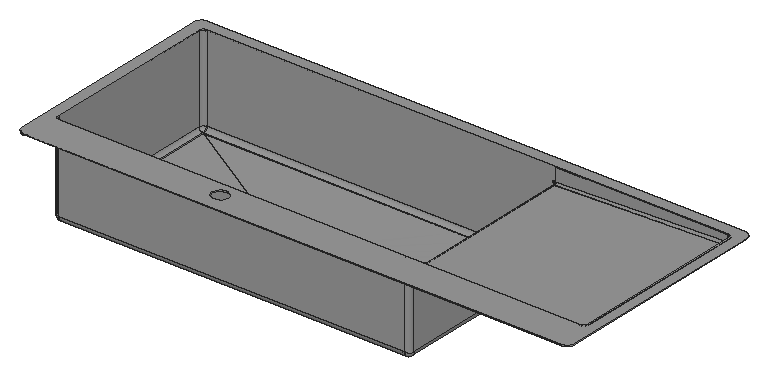
Revit family "Alma-TLAN08L-Jayden-1200-Stainless-Steel", category Plumbing Fixtures, host Face, Revit 2022
Family settings
  Host = Face
  Round Connector Dimension = Use Diameter
  Part Type = Normal
  Cut with Voids When Loaded = No
  Maintain Annotation Orientation = No
  Shared = No
  Room Calculation Point = No
Parameters (values of type "Jayden LHS 1200 Stainless Steel")
  Width = 770.0 mm
  Undermount [instance] = 30.0 mm
  URL = "https://www.buildmat.com.au/products/jayden-1200x500-single-bowl-tap-landing-with-left-drain-board-sink"
  Model = "TLAN08L"  # constant formula
  Manufacturer = "BUILDMAT"  # constant formula
  Length = 400.0 mm
  Drainboard Length = 380.0 mm
  Description = "Jayden 1200x500 Single Bowl with Tap Landing & LHS Drain Board Sink"  # constant formula
  Depth = 205.0 mm
  Default Elevation = 1219.2 mm
  Created = "22.12.2023"  # constant formula
  Brand = "Alma"  # constant formula
  Bowl = Alma Stainless Steel
Reference planes
  plane 1 "Center (Front/Back)": y = 0
  plane 2: z = 0
  plane 3 "Center (Left/Right)": x = 0
  plane 4 "Right": x = -385
  plane 5 "Left": x = 385
  plane 6 "Front": y = 200
  plane 7 "Back": y = -200
  plane 8 "Drainboard": x = 765
  plane 9: x = -386.5
  plane 10: x = 766.5
  plane 11: x = -375
  plane 12: x = 375
  plane 13: x = -410
  plane 14: x = 790
  plane 15: y = 201.5
  plane 16: y = -201.5
  plane 17: y = 100
  plane 18: y = -100
  plane 19: y = 225
  plane 20: y = -275
  plane 21 "Top Substrate": z = -30
  plane 22: z = -28.5
  plane 23 "Bottom Void": z = -235
  plane 24: z = -215
  plane 25: z = -225
  plane 26 "Sound Pad": z = -115
  plane 27: z = -226.5
  plane 28: z = -230
  plane 29: z = -231.5
  plane 30: x = -285
  plane 31: x = 285
  plane 32: x = 386.5
  plane 33: x = 755
  plane 34: y = 190
  plane 35: y = -190
  plane 36: x = -45
  plane 37: x = -57
  plane 38: x = 45
  plane 39: x = 57
  plane 40: z = -60
  plane 41: z = -45
  plane 42: x = -100
  plane 43: x = 100
  plane 44: x = 665
  plane 45: y = -232
  plane 46: y = -214.5
  plane 47: y = -249.5
  plane 48: x = -17.5
  plane 49: x = 17.5
Forms (mm)
  Extrusion 1, void
    sketch origin (0, 0, -30) x (-1, 0, 0) y (0, -1, 0)
      loop
        arc (390, -225) -> (404.142, -219.142) -> (410, -205) r 20
        line (410, -205) -> (410, 255)
        arc (410, 255) -> (404.142, 269.142) -> (390, 275) r 20
        line (390, 275) -> (-770, 275)
        arc (-770, 275) -> (-784.142, 269.142) -> (-790, 255) r 20
        line (-790, 255) -> (-790, -205)
        arc (-790, -205) -> (-784.142, -219.142) -> (-770, -225) r 20
        line (-770, -225) -> (390, -225)
    from 0 to 1.5
  Extrusion 2, void
    sketch origin (0, 0, -30) x (-1, 0, 0) y (0, -1, 0)
      loop
        arc (375, -200) -> (382.071, -197.071) -> (385, -190) r 10
        line (385, -190) -> (385, 190)
        arc (385, 190) -> (382.071, 197.071) -> (375, 200) r 10
        line (375, 200) -> (-755, 200)
        arc (-755, 200) -> (-762.071, 197.071) -> (-765, 190) r 10
        line (-765, 190) -> (-765, -190)
        arc (-765, -190) -> (-762.071, -197.071) -> (-755, -200) r 10
        line (-755, -200) -> (375, -200)
    from 1.5 to 30
  Extrusion 3, void
    sketch origin (0, 0, -30) x (-1, 0, 0) y (0, -1, 0)
      loop
        line (386.5, -201.5) -> (386.5, 201.5) -> (-766.5, 201.5) -> (-766.5, -201.5) -> (386.5, -201.5)
    from 0 to -205
  Extrusion 4, solid, material "Alma Stainless Steel" <- "Bowl"
    sketch origin (0, 0, -30) x (-1, 0, 0) y (0, -1, 0)
      loop
        arc (375, -200) -> (382.071, -197.071) -> (385, -190) r 10
        line (385, -190) -> (385, 190)
        arc (385, 190) -> (382.071, 197.071) -> (375, 200) r 10
        line (375, 200) -> (-375, 200)
        arc (-375, 200) -> (-382.071, 197.071) -> (-385, 190) r 10
        line (-385, 190) -> (-385, -190)
        arc (-385, -190) -> (-382.071, -197.071) -> (-375, -200) r 10
        line (-375, -200) -> (375, -200)
      loop
        arc (375, -201.5) -> (383.132, -198.132) -> (386.5, -190) r 11.5
        line (386.5, -190) -> (386.5, 190)
        arc (386.5, 190) -> (383.132, 198.132) -> (375, 201.5) r 11.5
        line (375, 201.5) -> (-375, 201.5)
        arc (-375, 201.5) -> (-383.132, 198.132) -> (-386.5, 190) r 11.5
        line (-386.5, 190) -> (-386.5, -190)
        arc (-386.5, -190) -> (-383.132, -198.132) -> (-375, -201.5) r 11.5
        line (-375, -201.5) -> (375, -201.5)
    from 0 to -185
  Extrusion 5, solid, material "Alma Stainless Steel" <- "Bowl"
    sketch origin (0, 0, -30) x (-1, 0, 0) y (0, -1, 0)
      loop
        arc (390, -225) -> (404.142, -219.142) -> (410, -205) r 20
        line (410, -205) -> (410, 255)
        arc (410, 255) -> (404.142, 269.142) -> (390, 275) r 20
        line (390, 275) -> (-770, 275)
        arc (-770, 275) -> (-784.142, 269.142) -> (-790, 255) r 20
        line (-790, 255) -> (-790, -205)
        arc (-790, -205) -> (-784.142, -219.142) -> (-770, -225) r 20
        line (-770, -225) -> (390, -225)
      loop
        arc (375, -200) -> (382.071, -197.071) -> (385, -190) r 10
        line (385, -190) -> (385, 190)
        arc (385, 190) -> (382.071, 197.071) -> (375, 200) r 10
        line (375, 200) -> (-755, 200)
        arc (-755, 200) -> (-762.071, 197.071) -> (-765, 190) r 10
        line (-765, 190) -> (-765, -190)
        arc (-765, -190) -> (-762.071, -197.071) -> (-755, -200) r 10
        line (-755, -200) -> (375, -200)
      loop
        circle (0, 232) r 17.5
    from 0 to 1.5
  Extrusion 6, solid, material "Alma Stainless Steel" <- "Bowl"
    sketch origin (0, 0, 0) x (1, 0, 0) y (0, 0, 1)
      loop
        line (-385, -215) -> (-386.5, -215)
        arc (-386.5, -215) -> (-383.132, -223.132) -> (-375, -226.5) r 11.5
        line (-375, -226.5) -> (-375, -225)
        arc (-375, -225) -> (-382.071, -222.071) -> (-385, -215) r 10
    from -190 to 190
  Extrusion 7, solid, material "Alma Stainless Steel" <- "Bowl"
    sketch origin (0, 0, 0) x (1, 0, 0) y (0, 0, 1)
      loop
        arc (385, -215) -> (382.071, -222.071) -> (375, -225) r 10
        line (375, -225) -> (375, -226.5)
        arc (375, -226.5) -> (383.132, -223.132) -> (386.5, -215) r 11.5
        line (386.5, -215) -> (385, -215)
    from -190 to 190
  Extrusion 8, solid, material "Alma Stainless Steel" <- "Bowl"
    sketch origin (0, 0, 0) x (0, 1, 0) y (0, 0, 1)
      loop
        arc (200, -215) -> (197.071, -222.071) -> (190, -225) r 10
        line (190, -225) -> (190, -226.5)
        arc (190, -226.5) -> (198.132, -223.132) -> (201.5, -215) r 11.5
        line (201.5, -215) -> (200, -215)
    from -375 to 375
  Extrusion 9, solid, material "Alma Stainless Steel" <- "Bowl"
    sketch origin (0, 0, 0) x (0, 1, 0) y (0, 0, 1)
      loop
        line (-200, -215) -> (-201.5, -215)
        arc (-201.5, -215) -> (-198.132, -223.132) -> (-190, -226.5) r 11.5
        line (-190, -226.5) -> (-190, -225)
        arc (-190, -225) -> (-197.071, -222.071) -> (-200, -215) r 10
    from -375 to 375
  Revolve 10, solid, material "Alma Stainless Steel" <- "Bowl"
    sketch origin (-414.842, 190, 1219.2) x (-1, 0, 0) y (0, 0, 1)
      loop
        line (-39.842, -1444.2) -> (-39.842, -1445.7)
        arc (-39.842, -1445.7) -> (-31.711, -1442.332) -> (-28.342, -1434.2) r 11.5
        line (-28.342, -1434.2) -> (-29.842, -1434.2)
        arc (-29.842, -1434.2) -> (-32.771, -1441.271) -> (-39.842, -1444.2) r 10
      axis (-39.842, -1434.2) -> (-39.842, -1445.7)
    angle from 0 to -90
  Revolve 11, solid, material "Alma Stainless Steel" <- "Bowl"
    sketch origin (-414.842, 190, 1219.2) x (-1, 0, 0) y (0, 0, 1)
      loop
        line (-799.842, -1434.2) -> (-801.342, -1434.2)
        arc (-801.342, -1434.2) -> (-797.974, -1442.332) -> (-789.842, -1445.7) r 11.5
        line (-789.842, -1445.7) -> (-789.842, -1444.2)
        arc (-789.842, -1444.2) -> (-796.913, -1441.271) -> (-799.842, -1434.2) r 10
      axis (-789.842, -1434.2) -> (-789.842, -1445.7)
    angle from 270 to 360
  Revolve 12, solid, material "Alma Stainless Steel" <- "Bowl"
    sketch origin (-414.842, -190, 1219.2) x (-1, 0, 0) y (0, 0, 1)
      loop
        line (-39.842, -1444.2) -> (-39.842, -1445.7)
        arc (-39.842, -1445.7) -> (-31.711, -1442.332) -> (-28.342, -1434.2) r 11.5
        line (-28.342, -1434.2) -> (-29.842, -1434.2)
        arc (-29.842, -1434.2) -> (-32.771, -1441.271) -> (-39.842, -1444.2) r 10
      axis (-39.842, -1434.2) -> (-39.842, -1445.7)
    angle from 0 to 90
  Revolve 13, solid, material "Alma Stainless Steel" <- "Bowl"
    sketch origin (-414.842, -190, 1219.2) x (-1, 0, 0) y (0, 0, 1)
      loop
        line (-799.842, -1434.2) -> (-801.342, -1434.2)
        arc (-801.342, -1434.2) -> (-797.974, -1442.332) -> (-789.842, -1445.7) r 11.5
        line (-789.842, -1445.7) -> (-789.842, -1444.2)
        arc (-789.842, -1444.2) -> (-796.913, -1441.271) -> (-799.842, -1434.2) r 10
      axis (-789.842, -1434.2) -> (-789.842, -1445.7)
    angle from -270 to -360
  Blend 14, solid, material "Alma Stainless Steel" <- "Bowl"
    base sketch origin (0, 0, -30) x (-1, 0, 0) y (0, -1, 0)
      loop
        circle (0, 0) r 57
    top sketch origin (0, 0, -30) x (-1, 0, 0) y (0, -1, 0)
      loop
        line (375, -190) -> (375, 190) -> (-375, 190) -> (-375, -190) -> (375, -190)
    from -201.5 to -196.5
  Extrusion 15, solid, material "Alma Stainless Steel" <- "Bowl"
    sketch origin (0, 0, -30) x (-1, 0, 0) y (0, -1, 0)
      loop
        line (375, -190) -> (375, 190) -> (-375, 190) -> (-375, -190) -> (375, -190)
    from -196.5 to -195
  Blend 16, void
    base sketch origin (0, 0, -30) x (-1, 0, 0) y (0, -1, 0)
      loop
        circle (0, 0) r 57
    top sketch origin (0, 0, -30) x (-1, 0, 0) y (0, -1, 0)
      loop
        line (375, -190) -> (375, 190) -> (-375, 190) -> (-375, -190) -> (375, -190)
    from -200 to -195
  Extrusion 17, void
    sketch origin (0, 0, -30) x (-1, 0, 0) y (0, -1, 0)
      loop
        circle (0, 0) r 57
    from -205 to -185
  Revolve 18, solid, material "Alma Stainless Steel" <- "Bowl"
    sketch origin (0, 0, 0) x (1, 0, 0) y (0, 0, 1)
      loop
        line (-45, -235) -> (-45, -233.5)
        spline (-45, -233.5) -> (-46.371, -233.47) -> (-47.718, -233.381) -> (-49.018, -233.234) -> (-50.25, -233.031) -> (-51.392, -232.777) -> (-52.425, -232.475) -> (-53.33, -232.131) -> (-54.093, -231.75) -> (-54.701, -231.339) -> (-55.142, -230.906) -> (-55.41, -230.457) -> (-55.5, -230)
        line (-55.5, -230) -> (-57, -230)
        spline (-57, -230) -> (-56.897, -230.653) -> (-56.591, -231.294) -> (-56.087, -231.913) -> (-55.392, -232.5) -> (-54.52, -233.044) -> (-53.485, -233.536) -> (-52.305, -233.967) -> (-51, -234.33) -> (-49.592, -234.619) -> (-48.106, -234.83) -> (-46.566, -234.957) -> (-45, -235)
      axis (0, -230) -> (0, -235)
    angle from 0 to 360
  Extrusion 19, solid, material "Alma Stainless Steel" <- "Bowl"
    sketch origin (0, 0, 0) x (1, 0, 0) y (0, 0, 1)
      loop
        line (766.5, -45) -> (766.5, -30) -> (765, -30) -> (765, -43.556) -> (375, -58.499) -> (375, -60) -> (766.5, -45)
    from -190 to 190
  Revolve 20, solid, material "Alma Stainless Steel" <- "Bowl"
    sketch origin (-414.842, -190, 1219.2) x (-1, 0, 0) y (0, 0, 1)
      loop
        line (-1181.342, -1249.2) -> (-1181.342, -1264.2) -> (-1169.842, -1264.641) -> (-1169.842, -1263.14) -> (-1179.842, -1262.756) -> (-1179.842, -1249.2) -> (-1181.342, -1249.2)
      axis (-1169.842, -1264.641) -> (-1169.842, -1249.2)
    angle from 0 to 90
  Revolve 21, solid, material "Alma Stainless Steel" <- "Bowl"
    sketch origin (-414.842, 190, 1219.2) x (-1, 0, 0) y (0, 0, 1)
      loop
        line (-1181.342, -1249.2) -> (-1181.342, -1264.2) -> (-1169.842, -1264.641) -> (-1169.842, -1263.14) -> (-1179.842, -1262.756) -> (-1179.842, -1249.2) -> (-1181.342, -1249.2)
      axis (-1169.842, -1249.2) -> (-1169.842, -1264.641)
    angle from -90 to 0
  SweptBlend 22, solid, material "Alma Stainless Steel" <- "Bowl"
    path origin (0, 0, -30) x (-1, 0, 0) y (0, -1, 0)
      loop
        line (-755, -200) -> (-375, -200)
    profile origin (755, 200, -30) x (0, -1, 0) y (0, 0, 1)
      loop
        line (-1.5, -15) -> (10, -15.419) -> (10, -13.918) -> (0, -13.554) -> (0, 0) -> (-1.5, 0) -> (-1.5, -15)
    end profile origin (375, 200, -30) x (0, -1, 0) y (0, 0, 1)
      loop
        line (10, -28.499) -> (0, -28.134) -> (0, 0) -> (-1.5, 0) -> (-1.5, -29.581) -> (10, -30) -> (10, -28.499)
  SweptBlend 23, solid, material "Alma Stainless Steel" <- "Bowl"
    path origin (0, 0, -30) x (-1, 0, 0) y (0, -1, 0)
      loop
        line (-755, 200) -> (-375, 200)
    profile origin (755, -200, -30) x (0, -1, 0) y (0, 0, 1)
      loop
        line (-10, -15.419) -> (1.5, -15) -> (1.5, 0) -> (0, 0) -> (0, -13.554) -> (-10, -13.918) -> (-10, -15.419)
    end profile origin (375, -200, -30) x (0, -1, 0) y (0, 0, 1)
      loop
        line (-10, -30) -> (1.5, -29.581) -> (1.5, 0) -> (0, 0) -> (0, -28.134) -> (-10, -28.499) -> (-10, -30)
  SweptBlend 24, void
    path origin (0, 0, 0) x (1, 0, 0) y (0, 0, 1)
      loop
        line (375, -30) -> (755, -30)
    profile origin (375, 0, -30) x (0, 0, 1) y (0, -1, 0)
      loop
        line (0, -200) -> (0, 200) -> (-29.635, 200) -> (-30, 190) -> (-30, -190) -> (-29.635, -200) -> (0, -200)
    end profile origin (755, 0, -30) x (0, 0, 1) y (0, -1, 0)
      loop
        line (0, -200) -> (0, 200) -> (-15, 200) -> (-15, -200) -> (0, -200)
  Extrusion 25, void
    sketch origin (0, 0, -30) x (-1, 0, 0) y (0, -1, 0)
      loop
        line (-375, -200) -> (-375, 200)
        arc (-375, 200) -> (-382.071, 197.071) -> (-385, 190) r 10
        line (-385, 190) -> (-385, -190)
        arc (-385, -190) -> (-382.071, -197.071) -> (-375, -200) r 10
    from 0 to -30
Cuts and joins
  SweptBlend 24 cuts Extrusion 4
  SweptBlend 24 cuts Extrusion 5
  joined: Extrusion 4, Extrusion 5
  Blend 16, Extrusion 17 cuts Blend 14
  Blend 16 cuts Extrusion 15
  joined: Blend 14, Extrusion 15
  SweptBlend 24 cuts Revolve 20
  SweptBlend 24 cuts Revolve 21
  Extrusion 25 cuts Extrusion 19
  Extrusion 25 cuts SweptBlend 22
  Extrusion 25 cuts SweptBlend 23
Lines and regions (mm)
  Masking region 1
    outline origin (0, 0, 0) x (1, 0, 0) y (0, 0, 1)
      loop
        line (-375, -225) -> (-57, -230) -> (57, -230) -> (375, -225)
        arc (375, -225) -> (382.071, -222.071) -> (385, -215) r 10
        line (385, -215) -> (385, -58.084) -> (765, -43.561) -> (765, -30) -> (-385, -30) -> (-385, -215)
        arc (-385, -215) -> (-382.071, -222.071) -> (-375, -225) r 10
  Masking region 2
    outline origin (0, 0, 0) x (1, 0, 0) y (0, 0, 1)
      loop
        line (-100, -230.466) -> (-100, -235) -> (-57, -235) -> (-57, -231.5) -> (-100, -230.466)
  Masking region 3
    outline origin (0, 0, 0) x (1, 0, 0) y (0, 0, 1)
      loop
        line (100, -230.466) -> (57, -231.5) -> (57, -235) -> (100, -235) -> (100, -230.466)
  Masking region 4
    outline origin (0, 0, 0) x (1, 0, 0) y (0, 0, 1)
      loop
        line (386.5, -107.929) -> (437.012, -57.417) -> (392.742, -59.261) -> (386.5, -65.503) -> (386.5, -107.929)
  Masking region 5
    outline origin (0, 0, 0) x (1, 0, 0) y (0, 0, 1)
      loop
        line (779, -30) -> (777.5, -30) -> (777.5, -45) -> (779, -45) -> (779, -30)
Text (mm)
  text "Refer to www.buildmat.com.au for the most current product literature. \nAllow a +/- 5mm tolerance for dimensions shown in the product literature. \nPlease note product details are subject to change due to ongoing product development." at (0.056, -1035.857, 0), in view "Ref. Level"
Dimensions and locks
  equal spacing: plane 4 "Right", plane 3 "Center (Left/Right)", plane 5 "Left"
  "Width": plane 4 "Right" to plane 5 "Left"
  equal spacing: plane 6 "Front", plane 1 "Center (Front/Back)", plane 7 "Back"
  "Length": plane 6 "Front" to plane 7 "Back"
  "Drainboard Length": plane 5 "Left" to plane 8 "Drainboard"
  plane 9 to plane 4 "Right" = 1.5 mm
  plane 8 "Drainboard" to plane 10 = 1.5 mm
  locked: plane 4 "Right" to plane 11 at 10
  locked: plane 12 to plane 5 "Left" at 10
  locked: plane 13 to plane 4 "Right" at 25
  locked: plane 8 "Drainboard" to plane 14 at 25
  locked: plane 15 to plane 6 "Front" at 1.5
  locked: plane 7 "Back" to plane 16 at 1.5
  locked: plane 6 "Front" to plane 17 at 100
  locked: plane 7 "Back" to plane 18 at 100
  locked: plane 7 "Back" to plane 20 at 75
  locked: plane 19 to plane 6 "Front" at 25
  locked: plane 22 to plane 21 "Top Substrate" at 1.5
  "Depth": plane 21 "Top Substrate" to plane 23 "Bottom Void"
  "Undermount": plane 2 to plane 21 "Top Substrate"
  plane 24 to plane 25 to plane 23 "Bottom Void" = 10.0 mm, 10.0 mm
  locked: plane 26 "Sound Pad" to plane 23 "Bottom Void" at 120
  locked: plane 25 to plane 27 at 1.5
  locked: plane 28 to plane 23 "Bottom Void" at 5
  plane 28 to plane 29 = 1.5 mm
  locked: plane 30 to plane 4 "Right" at 100
  locked: plane 5 "Left" to plane 31 at 100
  locked: plane 5 "Left" to plane 32 at 1.5
  locked: plane 33 to plane 8 "Drainboard" at 10
  locked: plane 6 "Front" to plane 34 at 10
  locked: plane 35 to plane 7 "Back" at 10
  plane 37 to plane 3 "Center (Left/Right)" to plane 39 = 57.0 mm, 57.0 mm
  plane 36 to plane 3 "Center (Left/Right)" to plane 38 = 45.0 mm, 45.0 mm
  plane 21 "Top Substrate" to plane 41 to plane 40 = 15.0 mm locked, 15.0 mm locked
  locked: Extrusion 19 sketch curve to Extrusion 19 sketch curve at 1.5
  plane 43 to plane 3 "Center (Left/Right)" to plane 42 = 100.0 mm locked, 100.0 mm locked
  locked: plane 44 to plane 8 "Drainboard" at 100
  equal spacing: plane 48, plane 3 "Center (Left/Right)", plane 49
  plane 48 to plane 49 = 35.0 mm
  equal spacing: plane 46, plane 45, plane 47
  plane 46 to plane 47 = 35.0 mm
  aligned and locked: plane 2 to host face
  aligned and locked: level to host face
  aligned and locked: plane 13 to Extrusion 1 sketch curve
  aligned and locked: Extrusion 1 sketch curve to plane 14
  aligned and locked: Extrusion 1 sketch curve to plane 19
  aligned and locked: Extrusion 1 sketch curve to plane 20
  aligned and locked: plane 7 "Back" to Extrusion 2 sketch curve
  aligned and locked: plane 4 "Right" to Extrusion 2 sketch curve
  aligned and locked: Extrusion 2 sketch curve to plane 6 "Front"
  aligned and locked: Extrusion 2 sketch curve to plane 8 "Drainboard"
  aligned and locked: plane 2 to Extrusion 2
  aligned and locked: Extrusion 2 to plane 22
  aligned and locked: Extrusion 3 sketch curve to plane 9
  aligned and locked: plane 10 to Extrusion 3 sketch curve
  aligned and locked: plane 16 to Extrusion 3 sketch curve
  aligned and locked: Extrusion 3 sketch curve to plane 15
  aligned and locked: Extrusion 3 to plane 23 "Bottom Void"
  aligned and locked: plane 21 "Top Substrate" to Extrusion 3
  aligned and locked: Extrusion 4 sketch curve to plane 6 "Front"
  aligned and locked: Extrusion 4 sketch curve to plane 15
  aligned and locked: Extrusion 4 sketch curve to plane 9
  aligned and locked: Extrusion 4 sketch curve to plane 4 "Right"
  aligned and locked: Extrusion 4 sketch curve to plane 32
  aligned and locked: Extrusion 4 sketch curve to plane 5 "Left"
  aligned and locked: Extrusion 4 sketch curve to plane 7 "Back"
  aligned and locked: Extrusion 4 sketch curve to plane 16
  aligned and locked: plane 21 "Top Substrate" to Extrusion 4
  aligned and locked: Extrusion 4 to plane 24
  aligned and locked: Extrusion 5 sketch curve to plane 19
  aligned and locked: Extrusion 5 sketch curve to plane 6 "Front"
  aligned and locked: Extrusion 5 sketch curve to plane 7 "Back"
  aligned and locked: Extrusion 5 sketch curve to plane 20
  aligned and locked: Extrusion 5 sketch curve to plane 4 "Right"
  aligned and locked: Extrusion 5 sketch curve to plane 13
  aligned and locked: Extrusion 5 sketch curve to plane 14
  aligned and locked: Extrusion 5 sketch curve to plane 8 "Drainboard"
  aligned and locked: Extrusion 5 to plane 21 "Top Substrate"
  aligned and locked: Extrusion 5 to plane 22
  aligned and locked: plane 34 to Extrusion 6
  aligned and locked: Extrusion 6 to plane 35
  aligned and locked: plane 34 to Extrusion 7
  aligned and locked: Extrusion 7 to plane 35
  aligned and locked: plane 12 to Extrusion 9
  aligned and locked: Extrusion 9 to plane 11
  aligned and locked: Extrusion 8 to plane 11
  aligned and locked: plane 12 to Extrusion 8
  aligned and locked: Revolve 10 sketch curve to plane 11
  aligned and locked: Revolve 10 sketch curve to Extrusion 6  (x2)
  aligned and locked: cut or joined group of Extrusion 4, Extrusion 5, SweptBlend 24 to Revolve 10 sketch curve
  aligned and locked: Revolve 10 sketch curve to Extrusion 9
  aligned and locked: Revolve 11 sketch curve to plane 12
  aligned and locked: Revolve 11 sketch curve to Extrusion 7  (x2)
  aligned and locked: Revolve 11 sketch curve to cut or joined group of Extrusion 4, Extrusion 5, SweptBlend 24
  aligned and locked: Extrusion 9 to Revolve 11 sketch curve
  aligned and locked: Revolve 12 sketch curve to plane 11
  aligned and locked: Revolve 12 sketch curve to Extrusion 6  (x2)
  aligned and locked: cut or joined group of Extrusion 4, Extrusion 5, SweptBlend 24 to Revolve 12 sketch curve
  aligned and locked: Revolve 12 sketch curve to Extrusion 9
  aligned and locked: Revolve 13 sketch curve to plane 12
  aligned and locked: Revolve 13 sketch curve to Extrusion 7  (x2)
  aligned and locked: Revolve 13 sketch curve to cut or joined group of Extrusion 4, Extrusion 5, SweptBlend 24
  aligned and locked: Extrusion 9 to Revolve 13 sketch curve
  aligned and locked: plane 35 to Blend 14 sketch curve
  aligned and locked: Blend 14 sketch curve to plane 34
  aligned and locked: plane 11 to Blend 14 sketch curve
  aligned and locked: Blend 14 sketch curve to plane 12
  aligned and locked: Blend 14 to plane 29
  aligned and locked: Blend 14 to plane 27
  aligned and locked: plane 11 to Extrusion 15 sketch curve
  aligned and locked: Extrusion 15 sketch curve to plane 34
  aligned and locked: plane 35 to Extrusion 15 sketch curve
  aligned and locked: Extrusion 15 sketch curve to plane 12
  aligned and locked: Extrusion 15 to plane 27
  aligned and locked: Extrusion 15 to plane 25
  aligned and locked: Blend 16 sketch curve to plane 34
  aligned and locked: plane 35 to Blend 16 sketch curve
  aligned and locked: plane 11 to Blend 16 sketch curve
  aligned and locked: Blend 16 sketch curve to plane 12
  aligned and locked: plane 28 to Blend 16
  aligned and locked: Blend 16 to plane 25
  aligned and locked: Extrusion 17 to plane 23 "Bottom Void"
  aligned and locked: plane 24 to Extrusion 17
  aligned and locked: Revolve 18 sketch curve to plane 3 "Center (Left/Right)"
  aligned and locked: Extrusion 19 sketch curve to plane 10
  aligned and locked: Extrusion 19 sketch curve to plane 8 "Drainboard"
  aligned and locked: plane 21 "Top Substrate" to Extrusion 19 sketch curve
  aligned and locked: plane 12 to Extrusion 19 sketch curve
  aligned and locked: plane 40 to Extrusion 19 sketch curve
  aligned and locked: Extrusion 19 sketch curve to plane 41
  aligned and locked: Extrusion 19 to plane 35
  aligned and locked: Extrusion 19 to plane 34
  aligned and locked: plane 33 to Revolve 20 sketch curve  (x2)
  aligned and locked: Revolve 20 sketch curve to Extrusion 19  (x3)
  aligned and locked: Extrusion 19 to Revolve 20 sketch curve
  aligned and locked: cut or joined group of Extrusion 4, Extrusion 5, SweptBlend 24 to Revolve 20 sketch curve
  aligned and locked: Revolve 21 sketch curve to plane 33
  aligned and locked: Revolve 21 sketch curve to Extrusion 19  (x3)
  aligned and locked: Extrusion 19 to Revolve 21 sketch curve
  aligned and locked: Revolve 20 to Revolve 21 sketch curve
  aligned and locked: cut or joined group of Extrusion 4, Extrusion 5, SweptBlend 24 to Revolve 21 sketch curve
  aligned and locked: plane 12 to SweptBlend 22 sketch curve
  aligned and locked: plane 33 to SweptBlend 22 sketch curve
  aligned and locked: plane 6 "Front" to SweptBlend 22 sketch curve
  aligned and locked: plane 12 to SweptBlend 23 sketch curve
  aligned and locked: plane 33 to SweptBlend 23 sketch curve
  aligned and locked: plane 7 "Back" to SweptBlend 23 sketch curve
  aligned and locked: plane 12 to SweptBlend 24 sketch curve
  aligned and locked: plane 33 to SweptBlend 24 sketch curve
  aligned and locked: SweptBlend 24 sketch curve to plane 21 "Top Substrate"  (x3)
  aligned and locked: SweptBlend 24 sketch curve to plane 6 "Front"  (x2)
  aligned and locked: plane 7 "Back" to SweptBlend 24 sketch curve  (x2)
  aligned and locked: plane 40 to SweptBlend 24 sketch curve
  aligned and locked: plane 41 to SweptBlend 24 sketch curve
  aligned and locked: SweptBlend 22 to SweptBlend 24 sketch curve
  aligned and locked: SweptBlend 24 sketch curve to SweptBlend 23
  aligned and locked: Extrusion 25 sketch curve to cut or joined group of Extrusion 4, Extrusion 5, SweptBlend 24  (x2)
  aligned and locked: Extrusion 25 sketch curve to plane 12
  aligned and locked: Extrusion 25 to plane 40
  aligned and locked: nested 1 to plane 21 "Top Substrate"
  aligned and locked: plane 30 to nested 1
  aligned and locked: nested 2 to plane 21 "Top Substrate"
  aligned and locked: plane 31 to nested 2
  aligned and locked: nested 3 to plane 26 "Sound Pad"
  aligned and locked: plane 3 "Center (Left/Right)" to nested 3
  aligned and locked: plane 30 to nested 4
  aligned and locked: nested 4 to plane 15
  aligned and locked: plane 31 to nested 5
  aligned and locked: nested 5 to plane 15
  aligned and locked: nested 6 to plane 17
  aligned and locked: nested 6 to plane 9
  aligned and locked: nested 7 to plane 18
  aligned and locked: nested 7 to plane 9
  aligned and locked: nested 8 to plane 30
  aligned and locked: plane 16 to nested 8
  aligned and locked: plane 16 to nested 9
  aligned and locked: nested 9 to plane 31
  aligned and locked: nested 13 to plane 44
  aligned and locked: plane 44 to nested 10
  aligned and locked: nested 10 to plane 15
  aligned and locked: plane 16 to nested 13
  aligned and locked: plane 18 to nested 12
  aligned and locked: plane 10 to nested 12
  aligned and locked: plane 17 to nested 11
  aligned and locked: plane 10 to nested 11
  aligned and locked: plane 11 to nested 14
  aligned and locked: plane 12 to nested 14
  aligned and locked: plane 35 to nested 14
  aligned and locked: plane 34 to nested 14
  aligned and locked: plane 3 "Center (Left/Right)" to nested 15
  aligned and locked: plane 1 "Center (Front/Back)" to nested 15
Automatic sketch dimensions
  host sketch curve to host sketch curve = 2438.4 mm  (x2)
  Extrusion 1 sketch curve to plane 10 = 3.5 mm  (x2)
  plane 9 to Extrusion 1 sketch curve = 3.5 mm  (x2)
  Extrusion 2 sketch curve to plane 33 = 0.0 mm  (x2)
  Extrusion 2 sketch curve to plane 11 = 0.0 mm
  Extrusion 2 sketch curve to plane 34 = 0.0 mm
  Extrusion 4 sketch curve to Extrusion 4 sketch curve = 0.0 mm  (x4)
  Extrusion 4 sketch curve to plane 12 = 0.0 mm  (x2)
  Extrusion 4 sketch curve to plane 11 = 0.0 mm
  Extrusion 4 sketch curve to plane 34 = 0.0 mm
  Extrusion 6 sketch curve to plane 4 "Right" = 0.0 mm
  Extrusion 6 sketch curve to plane 11 = 0.0 mm
  Extrusion 6 sketch curve to plane 27 = 0.0 mm
  Extrusion 6 sketch curve to plane 25 = 0.0 mm
  Extrusion 7 sketch curve to plane 12 = 0.0 mm
  Extrusion 7 sketch curve to plane 5 "Left" = 0.0 mm
  Extrusion 7 sketch curve to plane 24 = 0.0 mm
  plane 32 to Extrusion 7 sketch curve = 0.0 mm
  Extrusion 8 sketch curve to plane 27 = 0.0 mm
  Extrusion 8 sketch curve to plane 34 = 0.0 mm
  Extrusion 8 sketch curve to plane 6 "Front" = 0.0 mm
  Extrusion 8 sketch curve to plane 15 = 0.0 mm
  Extrusion 9 sketch curve to plane 16 = 0.0 mm
  Extrusion 9 sketch curve to plane 7 "Back" = 0.0 mm
  Extrusion 9 sketch curve to plane 35 = 0.0 mm
  Extrusion 9 sketch curve to plane 24 = 0.0 mm
  Revolve 10 sketch curve to plane 27 = 0.0 mm
  Revolve 10 sketch curve to plane 24 = 10.0 mm
  Revolve 11 sketch curve to plane 27 = 0.0 mm
  Revolve 11 sketch curve to plane 24 = 0.0 mm
  Revolve 12 sketch curve to plane 27 = 0.0 mm
  Revolve 12 sketch curve to plane 24 = 0.0 mm
  Revolve 13 sketch curve to plane 27 = 0.0 mm
  Revolve 13 sketch curve to plane 24 = 0.0 mm
  plane 1 "Center (Front/Back)" to Blend 14 sketch curve = 0.0 mm
  Blend 14 sketch curve to plane 3 "Center (Left/Right)" = 0.0 mm
  plane 1 "Center (Front/Back)" to Blend 16 sketch curve = 0.0 mm
  Blend 16 sketch curve to plane 3 "Center (Left/Right)" = 0.0 mm
  plane 1 "Center (Front/Back)" to Extrusion 17 sketch curve = 0.0 mm
  Extrusion 17 sketch curve to plane 3 "Center (Left/Right)" = 0.0 mm
  Revolve 18 sketch curve to plane 28 = 0.0 mm  (x2)
  Revolve 18 sketch curve to plane 37 = 0.0 mm
  Revolve 18 sketch curve to plane 23 "Bottom Void" = 0.0 mm  (x2)
  Revolve 18 sketch curve to plane 36 = 0.0 mm
  Revolve 18 sketch curve to plane 24 = 0.0 mm
  plane 37 to Revolve 18 sketch curve = 1.5 mm
  Revolve 18 sketch curve to Revolve 18 sketch curve = 1.5 mm
  Revolve 20 sketch curve to plane 21 "Top Substrate" = 0.0 mm
  Revolve 20 sketch curve to plane 40 = 0.0 mm
  Revolve 21 sketch curve to plane 40 = 0.0 mm
  Revolve 21 sketch curve to plane 21 "Top Substrate" = 0.0 mm
  SweptBlend 22 sketch curve to plane 21 "Top Substrate" = 15.0 mm
  SweptBlend 22 sketch curve to profile plane = 10.0 mm  (x2)
  SweptBlend 22 sketch curve to SweptBlend 22 sketch curve = 0.419 mm  (x2)
  SweptBlend 22 sketch curve to SweptBlend 22 sketch curve = 1.501 mm  (x2)
  SweptBlend 22 sketch curve to SweptBlend 22 sketch curve = 1.446 mm  (x2)
  SweptBlend 22 sketch curve to plane 21 "Top Substrate" = 0.0 mm  (x2)
  profile plane to SweptBlend 22 sketch curve = 1.5 mm  (x2)
  SweptBlend 22 sketch curve to profile plane = 0.0 mm  (x2)
  SweptBlend 22 sketch curve to plane 21 "Top Substrate" = 28.499 mm
  SweptBlend 23 sketch curve to profile plane = 0.0 mm  (x2)
  SweptBlend 23 sketch curve to plane 21 "Top Substrate" = 0.0 mm  (x2)
  profile plane to SweptBlend 23 sketch curve = 10.0 mm
  SweptBlend 23 sketch curve to plane 21 "Top Substrate" = 13.554 mm
  SweptBlend 23 sketch curve to SweptBlend 23 sketch curve = 0.365 mm  (x2)
  SweptBlend 23 sketch curve to SweptBlend 23 sketch curve = 1.501 mm
  SweptBlend 23 sketch curve to profile plane = 1.5 mm  (x2)
  SweptBlend 23 sketch curve to SweptBlend 23 sketch curve = 1.446 mm  (x2)
  SweptBlend 23 sketch curve to plane 21 "Top Substrate" = 28.134 mm
  SweptBlend 23 sketch curve to SweptBlend 23 sketch curve = 0.419 mm
  SweptBlend 23 sketch curve to SweptBlend 23 sketch curve = 10.0 mm
  Masking region 1 sketch curve to plane 11 = 0.0 mm
  Masking region 1 sketch curve to plane 25 = 0.0 mm  (x2)
  Masking region 1 sketch curve to plane 8 "Drainboard" = 0.0 mm
  plane 41 to Masking region 1 sketch curve = 1.439 mm
  plane 40 to Masking region 1 sketch curve = 1.916 mm
  Masking region 1 sketch curve to plane 12 = 0.0 mm
  Masking region 1 sketch curve to plane 28 = 0.0 mm
  Masking region 1 sketch curve to plane 39 = 0.0 mm
  Masking region 1 sketch curve to plane 37 = 0.0 mm
  Masking region 1 sketch curve to plane 4 "Right" = 0.0 mm
  Masking region 1 sketch curve to plane 5 "Left" = 0.0 mm
  Masking region 1 sketch curve to plane 21 "Top Substrate" = 0.0 mm
  Masking region 2 sketch curve to plane 42 = 0.0 mm
  Masking region 2 sketch curve to plane 29 = 0.0 mm
  Masking region 2 sketch curve to plane 27 = 3.966 mm
  Masking region 2 sketch curve to plane 23 "Bottom Void" = 0.0 mm
  Masking region 2 sketch curve to plane 37 = 0.0 mm
  Masking region 3 sketch curve to plane 43 = 0.0 mm
  Masking region 3 sketch curve to plane 29 = 0.0 mm
  Masking region 3 sketch curve to plane 27 = 3.966 mm
  Masking region 3 sketch curve to plane 23 "Bottom Void" = 0.0 mm
  Masking region 3 sketch curve to plane 39 = 0.0 mm
  plane 32 to Masking region 4 sketch curve = 0.0 mm
  plane 26 "Sound Pad" to Masking region 4 sketch curve = 7.071 mm
  plane 40 to Masking region 4 sketch curve = 0.739 mm
  plane 5 "Left" to Masking region 4 sketch curve = 7.742 mm
  plane 40 to Masking region 4 sketch curve = 2.583 mm
  Masking region 4 sketch curve to plane 40 = 5.503 mm
  Masking region 4 sketch curve to Masking region 4 sketch curve = 44.271 mm
  Masking region 5 sketch curve to plane 41 = 0.0 mm
  Masking region 5 sketch curve to plane 10 = 11.0 mm
  Masking region 5 sketch curve to Masking region 5 sketch curve = 1.5 mm
  Masking region 5 sketch curve to plane 21 "Top Substrate" = 0.0 mm
  Extrusion 5 sketch curve to plane 33 = 0.0 mm  (x2)
  Extrusion 5 sketch curve to plane 3 "Center (Left/Right)" = 0.0 mm
  Extrusion 5 sketch curve to plane 11 = 0.0 mm  (x2)
  Extrusion 5 sketch curve to plane 45 = 0.0 mm
  Extrusion 5 sketch curve to plane 10 = 3.5 mm  (x2)
  plane 9 to Extrusion 5 sketch curve = 3.5 mm  (x2)
  radius of Blend 14 sketch curve = 57.0 mm
  radius of Blend 16 sketch curve = 57.0 mm
  radius of Extrusion 17 sketch curve = 57.0 mm
  radius of Extrusion 5 sketch curve = 17.5 mm
Nested families
  nested 1: "TMB_Front" at (-285, 0, -30) x (1, 0, 0) z (0, -1, 0), type "TMB_Front"
  nested 2: "TMB_Front" at (285, 0, -30) x (1, 0, 0) z (0, -1, 0), type "TMB_Front"
  nested 3: "SP_Front" at (0, 0, -115) x (1, 0, 0) z (0, -1, 0), type "SP_Front"
  nested 4: "TMB_Plan" at (-285, 201.5, -30), type "TMB_Plan"
  nested 5: "TMB_Plan" at (285, 201.5, -30), type "TMB_Plan"
  nested 6: "TMB_Plan" at (-386.5, 100, -30) x (0, 1, 0) z (0, 0, 1), type "TMB_Plan"
  nested 7: "TMB_Plan" at (-386.5, -100, -30) x (0, 1, 0) z (0, 0, 1), type "TMB_Plan"
  nested 8: "TMB_Plan" at (-285, -201.5, -30) x (-1, 0, 0) z (0, 0, 1), type "TMB_Plan"
  nested 9: "TMB_Plan" at (285, -201.5, -30) x (-1, 0, 0) z (0, 0, 1), type "TMB_Plan"
  nested 10: "GB_Plan" at (665, 201.5, -30), type "GB_Plan"
  nested 11: "GB_Plan" at (766.5, 100, -30) x (0, -1, 0) z (0, 0, 1), type "GB_Plan"
  nested 12: "GB_Plan" at (766.5, -100, -30) x (0, -1, 0) z (0, 0, 1), type "GB_Plan"
  nested 13: "GB_Plan" at (665, -201.5, -30) x (-1, 0, 0) z (0, 0, 1), type "GB_Plan"
  nested 14: "BOWL Plan" at (0, 0, -115), type "BOWL Plan"
    with Width 750.0 mm, Lenght 380.0 mm
  nested 15: "DRAIN" at (0, 0, -30), type "DRAIN"
Definition of nested family "TMB_Front"
  Reference planes
    plane 1 "Center (Elevation)": y = 0
    plane 2: z = 0
    plane 3 "Center (Left/Right)": x = 0
  Lines and regions (mm)
    Masking region 1, in view "Ref. Level"
      outline origin (0, 0, 0) x (1, 0, 0) y (0, 1, 0)
        loop
          line (-17.5, 0) -> (-17.5, -80) -> (17.5, -80) -> (17.5, 0) -> (-17.5, 0)
    detail lines, in view "Ref. Level"
      curve 1: line (-17.5, 0, 0) -> (-17.5, -80, 0)
      curve 2: line (-17.5, -80, 0) -> (17.5, -80, 0)
      curve 3: line (17.5, -80, 0) -> (17.5, 0, 0)
      curve 4: line (-12.5, -50, 0) -> (12.5, -50, 0)
      curve 5: line (-12.5, -75, 0) -> (-12.5, -50, 0)
      curve 6: line (12.5, -75, 0) -> (-12.5, -75, 0)
      curve 7: line (12.5, -50, 0) -> (12.5, -75, 0)
Definition of nested family "SP_Front"
  Reference planes
    plane 1 "Center (Elevation)": y = 0
    plane 2: z = 0
    plane 3 "Center (Left/Right)": x = 0
  Lines and regions (mm)
    Masking region 1, in view "Ref. Level"
      outline origin (0, 0, 0) x (1, 0, 0) y (0, 1, 0)
        loop
          arc (-50, 40) -> (-57.071, 37.071) -> (-60, 30) r 10
          line (-60, 30) -> (-60, -30)
          arc (-60, -30) -> (-57.071, -37.071) -> (-50, -40) r 10
          line (-50, -40) -> (50, -40)
          arc (50, -40) -> (57.071, -37.071) -> (60, -30) r 10
          line (60, -30) -> (60, 30)
          arc (60, 30) -> (57.071, 37.071) -> (50, 40) r 10
          line (50, 40) -> (-50, 40)
    detail lines, in view "Ref. Level"
      curve 1: line (-50, 40, 0) -> (50, 40, 0)
      curve 2: line (50, -40, 0) -> (-50, -40, 0)
      curve 3: line (60, 30, 0) -> (60, -30, 0)
      curve 4: line (-60, 30, 0) -> (-60, -30, 0)
      curve 5: arc (-50, 40, 0) -> (-57.071, 37.071, 0) -> (-60, 30, 0) r 10
      curve 6: arc (-60, -30, 0) -> (-57.071, -37.071, 0) -> (-50, -40, 0) r 10
      curve 7: arc (50, -40, 0) -> (57.071, -37.071, 0) -> (60, -30, 0) r 10
      curve 8: arc (60, 30, 0) -> (57.071, 37.071, 0) -> (50, 40, 0) r 10
  Dimensions and locks
    aligned and locked: Masking region 1 sketch curve to curve 1
    aligned and locked: Masking region 1 sketch curve to curve 4
    aligned and locked: Masking region 1 sketch curve to curve 2
    aligned and locked: Masking region 1 sketch curve to curve 3
Definition of nested family "TMB_Plan"
  Reference planes
    plane 1 "Center (Front/Back)": y = 0
    plane 2: z = 0
    plane 3 "Center (Left/Right)": x = 0
  Lines and regions (mm)
    detail lines, in view "Ref. Level"
      curve 1: line (-17.5, 0, 0) -> (17.5, 0, 0)
      curve 2: line (17.5, 0, 0) -> (17.5, 5, 0)
      curve 3: line (17.5, 5, 0) -> (12.5, 5, 0)
      curve 4: line (-17.5, 0, 0) -> (-17.5, 5, 0)
      curve 5: line (-17.5, 5, 0) -> (-12.5, 5, 0)
Definition of nested family "GB_Plan"
  Reference planes
    plane 1 "Center (Front/Back)": y = 0
    plane 2: z = 0
    plane 3 "Center (Left/Right)": x = 0
  Lines and regions (mm)
    detail lines, in view "Ref. Level"
      curve 1: line (-10, 0, 0) -> (10, 0, 0)
      curve 2: line (-10, 0, 0) -> (-10, 10, 0)
      curve 3: line (10, 0, 0) -> (10, 10, 0)
      curve 4: line (-10, 10, 0) -> (-6.464, 13.536, 0)
      curve 5: line (10, 10, 0) -> (6.464, 13.536, 0)
Definition of nested family "BOWL Plan"
  Parameters (values of type "BOWL Plan")
    Width [instance] = 600.0 mm
    Lenght [instance] = 400.0 mm
  Reference planes
    plane 1 "Center (Front/Back)": y = 0
    plane 2: z = 0
    plane 3 "Center (Left/Right)": x = 0
    plane 4 "Left": x = -300
    plane 5 "Right": x = 300
    plane 6 "Back": y = 200
    plane 7 "Front": y = -200
  Lines and regions (mm)
    Masking region 1, in view "Ref. Level"
      outline origin (0, 0, 0) x (1, 0, 0) y (0, 1, 0)
        loop
          line (-300, 200) -> (-300, -200) -> (300, -200) -> (300, 200) -> (-300, 200)
    detail lines, in view "Ref. Level"
      curve 1: line (-300, 200, 0) -> (300, -200, 0)
      curve 2: line (-300, -200, 0) -> (300, 200, 0)
  Dimensions and locks
    equal spacing: plane 6 "Back", plane 1 "Center (Front/Back)", plane 7 "Front"
    "Lenght": plane 6 "Back" to plane 7 "Front"
    equal spacing: plane 4 "Left", plane 3 "Center (Left/Right)", plane 5 "Right"
    "Width": plane 4 "Left" to plane 5 "Right"
    aligned and locked: plane 4 "Left" to Masking region 1 sketch curve
    aligned and locked: Masking region 1 sketch curve to plane 5 "Right"
    aligned and locked: plane 7 "Front" to Masking region 1 sketch curve
    aligned and locked: Masking region 1 sketch curve to plane 6 "Back"
  Automatic sketch dimensions
    curve 2 to plane 4 "Left" = 0.0 mm
    curve 1 to plane 4 "Left" = 0.0 mm
    curve 2 to plane 5 "Right" = 0.0 mm
    curve 1 to plane 5 "Right" = 0.0 mm
    curve 1 to plane 7 "Front" = 0.0 mm
    curve 2 to plane 7 "Front" = 0.0 mm
    curve 2 to plane 6 "Back" = 0.0 mm
    curve 1 to plane 6 "Back" = 0.0 mm
Definition of nested family "DRAIN"
  Reference planes
    plane 1 "Center (Front/Back)": y = 0
    plane 2: z = 0
    plane 3 "Center (Left/Right)": x = 0
  Lines and regions (mm)
    Masking region 1, in view "Ref. Level"
      outline origin (0, 0, 0) x (1, 0, 0) y (0, 1, 0)
        loop
          circle (0, 0) r 57
    detail lines, in view "Ref. Level"
      curve 1: circle (0, 0, 0) r 45 normal (0, 0, 1)
      curve 2: circle (0, 0, 0) r 55.5 normal (0, 0, 1)
